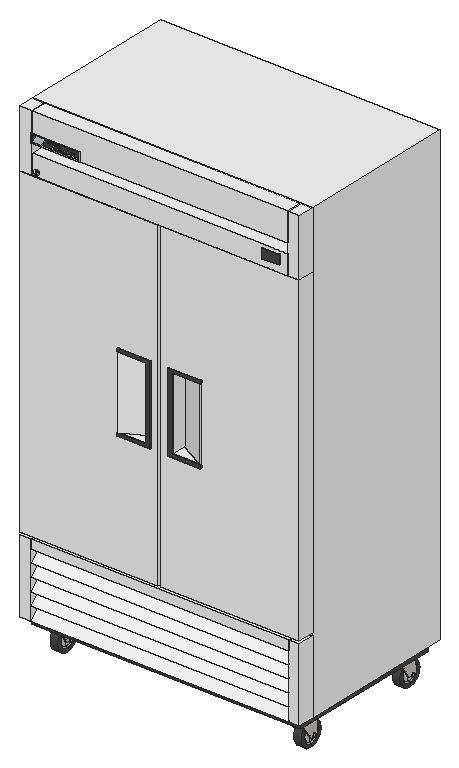
Revit family "QF_TRUE_T-43-HC_cat", category Specialty Equipment, Revit 2016
Family settings
  Part Type = Normal
  Round Connector Dimension = Use Diameter
  Work Plane-Based = No
  Always vertical = Yes
  Cut with Voids When Loaded = No
  Shared = No
  Room Calculation Point = No
Parameters
  Weight in Pounds = 380
  Watts = Volts * FL Amps  # 621 W
  Volts = 115 V
  URL Cutsheet = ""
  Specification by User = ""
  Specification by Manufacturer = ""
  Show 6 Inches Standard Legs [instance] = no
  Show 6 Inches Seismic Flanged Legs [instance] = no
  Show Logo [instance] = yes
  Show Default Castors [instance] = if(Show 6 Inches Seismic Flanged Legs, Show 6 Inches Standard Legs, not(Show 6 Inches Standard Legs))  # yes
  Show Clearance [instance] = yes
  Serial Number = ""
  Seismic Rating = ""
  SMACNA No = ""
  Revision Code = ""
  Phase = 1
  Number of Poles = 1
  NAFEM Spec ID Number = ""
  Model = "T-43-HC"
  Min Ckt Ampacity = 0 A
  Max Overcurrent Protection = 0 A
  Masterspec = ""
  Manufacturer = "TRUE"
  Length = 47"
  Item Number = ""
  Installed By = ""
  Identify Quantity as Lot = yes
  Height [instance] = Body Height + Base Height  # 83 3/8"
  HP = "1/2"
  Furnished By = ""
  Foodservice Equipment Identifier = yes
  FL Amps = 5.4 A
  Electrical Remarks = ""
  Electric Connection Type = ""
  Elec Conn RI Height = 0"
  Elec Conn Connection Height = 0"
  Description = "REACH-IN SOLID SWING DOOR REFRIGERATOR WITH HYDROCARBON REFRIGERANT"
  Depth = 29 1/2"
  Cycle = 60 Hz
  Conn Plug = "NEMA 5-15P"
  Conn Conduit = yes
  CSI MasterFormat = ""
  Body Height [instance] = 78 3/8"
  Base Height [instance] = if(Show Default Castors, 5", if(Show 6 Inches Seismic Flanged Legs, 6", if(Show 6 Inches Standard Legs, 6", 5")))  # 5"
  Apparent Power = if(Phase = 3, Volts * FL Amps * 1.73, Volts * FL Amps)  # 621 VA
  6 Inches Standard Legs [instance] = and(Show 6 Inches Standard Legs, not(Show Default Castors))  # no
  6 Inches Seismic Flanged Legs [instance] = and(Show 6 Inches Seismic Flanged Legs, not(Show Default Castors))  # no
Reference planes (in)
  plane 1 "BACK": y = 0
  plane 2: z = 0
  plane 3 "LEFT": x = 0
  plane 4 "RIGHT": x = 47
  plane 5 "FRONT": y = -29.5
  plane 6 "TOP": z = 83.375
  plane 7 "Center Y": x = 23.5
  plane 8 "Center X": y = -14.75
  plane 9: z = 5
Dimensions and locks (in)
  equal spacing: plane 3 "LEFT", plane 7 "Center Y", plane 4 "RIGHT"
  "Length": plane 3 "LEFT" to plane 4 "RIGHT"
  equal spacing: plane 5 "FRONT", plane 8 "Center X", plane 1 "BACK"
  "Depth": plane 5 "FRONT" to plane 1 "BACK"
  "Base Height": plane 9 to level
  plane 5 "FRONT" to plane 1 "BACK" = 29 1/2"
  plane 6 "TOP" to level = 83 3/8"
  plane 4 "RIGHT" to plane 3 "LEFT" = 47"
  "Body Height": plane 6 "TOP" to plane 9
  plane 6 "TOP" to nested 1 = 77"
  aligned and locked: level to plane 2
  aligned and locked: nested 1 to plane 9
Nested families (in)
  nested 1: "T-43-HC" at (0, 0, 0.0625), Show Clearance <- "Show Clearance", Show Logo <- "Show Logo", type "T-43-HC"
    with Show Logo yes, Show Clearance yes, Material and Finishes QF_Metal - Stainless - Polished
  nested 2: "CASTER-LEGS1" at (2.99796, -25.125, 0), Show 6 Inches Legs <- "6 Inches Standard Legs", Show Siesmic Flanged <- "6 Inches Seismic Flanged Legs", Show 5" Casters <- "Show Default Castors", type "CASTER-LEGS"
    with Type Mark "", Status "", Specification by User "", Show Siesmic Flanged no, Show 6" Casters no, Show 6 Inches Legs no, Show 5" Casters yes, Show 4" Casters no, Show 3" Castors no, Show 2.5 Standard Legs no, Show 2.5 Casters yes, Revision Code "", Low Profile yes, Item Number "", Installed By "", Identify Quantity as Lot yes, Furnished By "", Foodservice Equipment Identifier yes
  nested 3: "CASTER-LEGS1" at (44, -25.125, 0), Show 6 Inches Legs <- "6 Inches Standard Legs", Show Siesmic Flanged <- "6 Inches Seismic Flanged Legs", Show 5" Casters <- "Show Default Castors", type "CASTER-LEGS"
    with Type Mark "", Status "", Specification by User "", Show Siesmic Flanged no, Show 6" Casters no, Show 6 Inches Legs no, Show 5" Casters yes, Show 4" Casters no, Show 3" Castors no, Show 2.5 Standard Legs no, Show 2.5 Casters no, Revision Code "", Low Profile yes, Item Number "", Installed By "", Identify Quantity as Lot yes, Furnished By "", Foodservice Equipment Identifier yes
  nested 4: "CASTER-LEGS1" at (2.99796, -4.375, 0), Show 6 Inches Legs <- "6 Inches Standard Legs", Show Siesmic Flanged <- "6 Inches Seismic Flanged Legs", Show 5" Casters <- "Show Default Castors", type "CASTER-LEGS"
    with Type Mark "", Status "", Specification by User "", Show Siesmic Flanged no, Show 6" Casters no, Show 6 Inches Legs no, Show 5" Casters yes, Show 4" Casters no, Show 3" Castors no, Show 2.5 Standard Legs no, Show 2.5 Casters yes, Revision Code "", Low Profile yes, Item Number "", Installed By "", Identify Quantity as Lot yes, Furnished By "", Foodservice Equipment Identifier yes
  nested 5: "CASTER-LEGS1" at (44, -4.375, 0), Show 6 Inches Legs <- "6 Inches Standard Legs", Show Siesmic Flanged <- "6 Inches Seismic Flanged Legs", Show 5" Casters <- "Show Default Castors", type "CASTER-LEGS"
    with Type Mark "", Status "", Specification by User "", Show Siesmic Flanged no, Show 6" Casters no, Show 6 Inches Legs no, Show 5" Casters yes, Show 4" Casters no, Show 3" Castors no, Show 2.5 Standard Legs no, Show 2.5 Casters no, Revision Code "", Low Profile yes, Item Number "", Installed By "", Identify Quantity as Lot yes, Furnished By "", Foodservice Equipment Identifier yes
Connectors (in)
  electrical at (23.5, 0, 44.875), driven by "Volts", driven by "Watts"
    settings: on nested 1, index 1, voltage 115 V, apparent load 621 VA, apparent load phase1 0 VA, apparent load phase2 0 VA, apparent load phase3 0 VA, power factor 1, load classification "Other", number of poles 1, system type 30, power factor state 1, is connector primary yes, connector utility no, sub classification motor no, connector description "ELECTRICAL CONNECTION"
Definition of nested family "T-43-HC"
  Parameters (values of type "T-43-HC")
    Weight in Pounds = 0
    Watts = 0 W
    Volts = 115 V
    URL Cutsheet = ""
    Specification by User = ""
    Specification by Manufacturer = ""
    Show Logo [instance] = yes
    Show Clearance [instance] = yes
    Serial Number = ""
    Seismic Rating = ""
    SMACNA No = ""
    Revision Code = ""
    Phase = 0
    Number of Poles = 1
    NAFEM Spec ID Number = ""
    Min Ckt Ampacity = 0 A
    Max Overcurrent Protection = 0 A
    Material and Finishes [instance] = none
    Masterspec = ""
    Length = 47"
    Item Number = ""
    Installed By = ""
    Identify Quantity as Lot = yes
    Height = 83 5/16"
    HP = ""
    Furnished By = ""
    Foodservice Equipment Identifier = yes
    FL Amps = 0 A
    Electrical Remarks = ""
    Electric Connection Type = ""
    Elec Conn RI Height = 0"
    Elec Conn Connection Height = 0"
    Depth = 29 1/2"
    Cycle = 0 Hz
    Conn Plug = ""
    Conn Conduit = yes
    CSI MasterFormat = ""
    Apparent Power = if(Phase = 3, Volts * FL Amps * 1.73, Volts * FL Amps)  # 0 VA
  Reference planes (in)
    plane 1 "BACK": y = 0
    plane 2: z = 0
    plane 3 "LEFT": x = 0
    plane 4 "RIGHT": x = 47
    plane 5 "FRONT": y = -29.5
    plane 6 "TOP": z = 83.3125
    plane 7 "Center Y": x = 23.5
    plane 8 "Center X": y = -14.75
    plane 9: y = -51.75
    plane 10: z = 4.9375
    plane 11: z = 6.3125
  Forms (in)
    Extrusion 1, solid
      sketch origin (-15.16405, -186.0625, 67.4375) x (-1, 0, 0) y (0, -1, 0)
        loop
          line (-15.16405, -186.0625) -> (-15.16405, -159.3125) -> (-62.16405, -159.3125) -> (-62.16405, -186.0625) -> (-15.16405, -186.0625)
      from 15.875 to -61.125
    Extrusion 2, solid
      sketch origin (1.75, -26.75, 6.375) x (0, 0, 1) y (1, 0, 0)
        loop
          line (-1.4375, -0.875) -> (-0.0625, -0.875) -> (-0.0625, 44.375) -> (-1.4375, 44.375) -> (-1.4375, -0.875)
      from -1.375 to 25.375
    Extrusion 3, solid
      sketch origin (0, -5.15625, 1.53125) x (0, 1, 0) y (0, 0, 1)
        loop
          line (-24.34375, 81.78125) -> (-24.34375, 72.09417) -> (-21.59375, 72.09417) -> (-21.59375, 81.78125) -> (-24.34375, 81.78125)
      from 0 to 1.90515
    Extrusion 4, solid
      sketch origin (0, -5.15625, 1.53125) x (0, 1, 0) y (0, 0, 1)
        loop
          line (-24.34375, 75.37331) -> (-24.34375, 72.09417) -> (-21.59375, 72.09417) -> (-21.59375, 75.37331) -> (-24.34375, 75.37331)
        loop
          line (-24.34375, 76.95333) -> (-21.59375, 76.95333) -> (-21.59375, 81.78125) -> (-24.34375, 81.78125) -> (-24.34375, 76.95333)
      from 1.90515 to 45.09485
    Extrusion 5, solid
      sketch origin (0, -29.5, 74.1805) x (0, 0, 1) y (-1, 0, 0)
        loop
          circle (0.12713, -2.80897) r 0.38856
        loop
          line (0.34608, -2.74592) -> (-0.09261, -2.74592) -> (-0.09261, -2.87312) -> (0.34608, -2.87312) -> (0.34608, -2.74592)
      from 0 to 0.125
    Extrusion 6, solid
      sketch origin (20.25, -29.5, 74.34375) x (0, 0, 1) y (-1, 0, 0)
        loop
          line (1.99893, -20.5494) -> (0.35906, -20.5494) -> (0.35906, -23.49734) -> (1.99893, -23.49734) -> (1.99893, -20.5494)
      from 0 to 0.0625
    Extrusion 7, solid
      sketch origin (1.75, -26.75, 4.5) x (0, -1, 0) y (0, 0, -1)
        loop
          line (2.75, -8.375) -> (0.625, -8.375) -> (2.75, -6.25) -> (0.625, -6.25) -> (2.75, -4.125) -> (0.625, -4.125) -> (2.80903, -1.8125) -> (0, -1.8125) -> (0, -14.1871) -> (2.75, -14.1871) -> (2.75, -12.625) -> (0.625, -12.625) -> (2.75, -10.5) -> (0.625, -10.5) -> (2.75, -8.375)
      from 0 to 43.5
    Extrusion 8, solid
      sketch origin (-32.29793, -26.625, 60.68435) x (1, 0, 0) y (0, 0, 1)
        loop
          line (32.29793, 12.94107) -> (32.29793, -41.49725) -> (55.54793, -41.49725) -> (55.54793, 12.94107) -> (32.29793, 12.94107)
        loop
          line (53.54793, -20.77587) -> (53.54793, -8.49077) -> (48.91107, -8.49077) -> (48.91107, -20.77587) -> (53.54793, -20.77587)
        loop
          line (79.29793, 12.94107) -> (56.04793, 12.94107) -> (56.04793, -41.49725) -> (79.29793, -41.49725) -> (79.29793, 12.94107)
        loop
          line (58.04793, -20.77587) -> (62.68479, -20.77587) -> (62.68479, -8.49077) -> (58.04793, -8.49077) -> (58.04793, -20.77587)
      from 0.125 to 2.875
    Extrusion 9, solid
      sketch origin (0, 4.25, 0) x (-1, 0, 0) y (0, 1, 0)
        loop
          line (-1.75, -31) -> (-1.75, -33.75) -> (0, -33.75) -> (0, -31) -> (-1.75, -31)
      from -18.6871 to -6.3125
    Extrusion 10, solid
      sketch origin (50.70774, -29.5, 12.80935) x (-1, 0, 0) y (0, 0, -1)
        loop
          line (34.0946, -39.38423) -> (29.45774, -39.38423) -> (29.45774, -27.09913) -> (34.0946, -27.09913)
          arc (34.0946, -27.09913) -> (34.3446, -26.84913) -> (34.0946, -26.59913) r 0.25
          line (34.0946, -26.59913) -> (28.70774, -26.59913) -> (28.70774, -39.88423) -> (34.0946, -39.88423)
          arc (34.0946, -39.88423) -> (34.3446, -39.63423) -> (34.0946, -39.38423) r 0.25
      from 0 to 0.125
    Extrusion 11, solid
      sketch origin (50.70774, 0.1875, 12.80935) x (-1, 0, 0) y (0, -1, 0)
        loop
          line (34.0946, 29.8125) -> (28.76221, 26.9375) -> (34.0946, 26.9375) -> (34.0946, 29.8125)
      from 27.09913 to 39.38423
    Extrusion 12, solid, visible <- "Show Clearance", detail levels coarse
      sketch origin (26.94851, -26.5, 19.1871) x (0, 1, 0) y (1, 0, 0)
        loop
          line (-3, -26.94851) -> (-3, -3.69851)
          arc (-3, -3.69851) -> (-18.75597, -10.89172) -> (-25.25, -26.94851) r 23.40078
          line (-25.25, -26.94851) -> (-3, -26.94851)
        loop
          line (-3, 20.05149) -> (-25.25, 20.05149)
          arc (-25.25, 20.05149) -> (-18.75597, 3.9947) -> (-3, -3.19851) r 23.40078
          line (-3, -3.19851) -> (-3, 20.05149)
      from 0 to -54.43832
    Extrusion 13, solid
      sketch origin (-3.70774, -29.5, 12.80935) x (1, 0, 0) y (0, 0, 1)
        loop
          arc (34.0946, 39.38423) -> (34.3446, 39.63423) -> (34.0946, 39.88423) r 0.25
          line (34.0946, 39.88423) -> (28.70774, 39.88423) -> (28.70774, 26.59913) -> (34.0946, 26.59913)
          arc (34.0946, 26.59913) -> (34.3446, 26.84913) -> (34.0946, 27.09913) r 0.25
          line (34.0946, 27.09913) -> (29.45774, 27.09913) -> (29.45774, 39.38423) -> (34.0946, 39.38423)
      from 0 to 0.125
    Extrusion 14, solid
      sketch origin (-3.70774, 0.1875, 12.80935) x (1, 0, 0) y (0, 1, 0)
        loop
          line (34.0946, -29.8125) -> (34.0946, -26.9375) -> (28.76221, -26.9375) -> (34.0946, -29.8125)
      from 27.09913 to 39.38423
    Extrusion 15, solid
      sketch origin (47, -5.15625, 1.53125) x (0, 1, 0) y (0, 0, -1)
        loop
          line (-24.34375, -81.78125) -> (-21.59375, -81.78125) -> (-21.59375, -72.09417) -> (-24.34375, -72.09417) -> (-24.34375, -81.78125)
      from 0 to 1.90515
    Extrusion 16, solid
      sketch origin (47, 4.25, 0) x (-1, 0, 0) y (0, 1, 0)
        loop
          line (1.75, -31) -> (0, -31) -> (0, -33.75) -> (1.75, -33.75) -> (1.75, -31)
      from -18.6871 to -6.3125
  Lines and regions (in)
    symbolic lines
      curve 1: line (0, 0, 0) -> (47, 0, 0)
      curve 2: line (0, -29.5, 0) -> (0, 0, 0)
      curve 3: line (47, -29.5, 0) -> (0, -29.5, 0)
      curve 4: line (47, 0, 0) -> (47, -29.5, 0)
      curve 5: line (0, -26.75, 0) -> (47, -26.75, 0)
      curve 6: line (0, -29.5, 0) -> (19.65946, -40.85039, 0)
      curve 7: arc (23.25, -29.5, 0) -> (22.18859, -35.40734, 0) -> (19.65946, -40.85039, 0) r 23.40078
      curve 8: line (47, -29.5, 0) -> (27.34054, -40.85039, 0)
      curve 9: arc (23.75, -29.5, 0) -> (24.81141, -35.40734, 0) -> (27.34054, -40.85039, 0) r 23.40078
  Dimensions and locks (in)
    equal spacing: plane 3 "LEFT", plane 7 "Center Y", plane 4 "RIGHT"
    "Length": plane 3 "LEFT" to plane 4 "RIGHT"
    equal spacing: plane 5 "FRONT", plane 8 "Center X", plane 1 "BACK"
    "Depth": plane 5 "FRONT" to plane 1 "BACK"
    "Height": plane 6 "TOP" to level
    plane 3 "LEFT" to plane 4 "RIGHT" = 47"
    plane 5 "FRONT" to plane 1 "BACK" = 29 1/2"
    plane 7 "Center Y" to plane 3 "LEFT" = 23 1/2"
    plane 5 "FRONT" to plane 9 = 22 1/4"
    plane 6 "TOP" to plane 10 = 78 3/8"
    plane 6 "TOP" to plane 11 = 77"
    aligned and locked: level to plane 2
  Automatic sketch dimensions
    plane 1 "BACK" to Extrusion 1 sketch curve = 0"
    Extrusion 1 sketch curve to plane 4 "RIGHT" = 0"
    Extrusion 1 sketch curve to plane 3 "LEFT" = 0"
    Extrusion 1 sketch curve to plane 5 "FRONT" = 2 3/4"
    Extrusion 2 sketch curve to Extrusion 7 = 0"
    Extrusion 2 sketch curve to Extrusion 2 sketch curve = 1 3/8"
    Extrusion 2 sketch curve to Extrusion 7 = 7/8"  (x2)
    Extrusion 3 sketch curve to plane 5 "FRONT" = 0"
    Extrusion 3 sketch curve to plane 6 "TOP" = 0"
    Extrusion 3 sketch curve to Extrusion 3 sketch curve = 2 3/4"
    Extrusion 3 sketch curve to plane 6 "TOP" = 9.68708"
    Extrusion 4 sketch curve to plane 5 "FRONT" = 0"  (x2)
    Extrusion 4 sketch curve to plane 6 "TOP" = 0"
    Extrusion 4 sketch curve to plane 5 "FRONT" = 2 3/4"
    Extrusion 4 sketch curve to Extrusion 4 sketch curve = 0"
    Extrusion 4 sketch curve to plane 6 "TOP" = 4.82792"
    Extrusion 4 sketch curve to Extrusion 4 sketch curve = 1.58002"
    Extrusion 4 sketch curve to Extrusion 4 sketch curve = 3.27914"
    Extrusion 5 sketch curve to Extrusion 4 = 0.46248"
    Extrusion 5 sketch curve to Extrusion 5 sketch curve = 0.21974"
    Extrusion 5 sketch curve to Extrusion 5 sketch curve = 0.21895"
    Extrusion 4 to Extrusion 5 sketch curve = 0.96797"
    Extrusion 5 sketch curve to Extrusion 5 sketch curve = 0.06414"
    Extrusion 5 sketch curve to Extrusion 5 sketch curve = 0.12719"
    Extrusion 6 sketch curve to plane 6 "TOP" = 8.60969"
    Extrusion 6 sketch curve to Extrusion 6 sketch curve = 1.63987"
    plane 4 "RIGHT" to Extrusion 6 sketch curve = 3.25266"
    Extrusion 6 sketch curve to Extrusion 6 sketch curve = 2.94794"
    plane 5 "FRONT" to Extrusion 7 sketch curve = 0.05903"
    Extrusion 7 sketch curve to plane 5 "FRONT" = 0"  (x5)
    Extrusion 7 sketch curve to plane 5 "FRONT" = 2 1/8"  (x4)
    Extrusion 7 sketch curve to Extrusion 7 sketch curve = 0"
    Extrusion 7 sketch curve to Extrusion 7 sketch curve = 5/8"
    Extrusion 7 sketch curve to Extrusion 7 sketch curve = 2 5/16"
    Extrusion 7 sketch curve to Extrusion 7 sketch curve = 2 1/8"  (x4)
    Extrusion 7 sketch curve to Extrusion 7 sketch curve = 1.5621"
    Extrusion 8 sketch curve to plane 3 "LEFT" = 0"
    plane 4 "RIGHT" to Extrusion 8 sketch curve = 0"
    Extrusion 8 sketch curve to plane 7 "Center Y" = 6.88686"
    Extrusion 8 sketch curve to plane 7 "Center Y" = 2 1/4"
    Extrusion 8 sketch curve to plane 7 "Center Y" = 1/4"
    plane 7 "Center Y" to Extrusion 8 sketch curve = 1/4"
    plane 7 "Center Y" to Extrusion 8 sketch curve = 2 1/4"
    Extrusion 8 sketch curve to Extrusion 8 sketch curve = 4.63686"
    Extrusion 8 sketch curve to Extrusion 8 sketch curve = 0"  (x4)
    Extrusion 8 sketch curve to Extrusion 8 sketch curve = 20.72138"
    Extrusion 8 sketch curve to Extrusion 8 sketch curve = 12.2851"
    Extrusion 8 sketch curve to plane 6 "TOP" = 9.68708"
    plane 5 "FRONT" to Extrusion 9 sketch curve = 0"
    Extrusion 9 sketch curve to plane 3 "LEFT" = 0"
    plane 3 "LEFT" to Extrusion 9 sketch curve = 1 3/4"
    Extrusion 9 sketch curve to Extrusion 9 sketch curve = 2 3/4"
    Extrusion 10 sketch curve to plane 7 "Center Y" = 1 1/2"
    Extrusion 10 sketch curve to Extrusion 10 sketch curve = 3/4"
    Extrusion 10 sketch curve to Extrusion 10 sketch curve = 4.63686"  (x2)
    Extrusion 10 sketch curve to plane 6 "TOP" = 30.61891"
    Extrusion 10 sketch curve to Extrusion 10 sketch curve = 1/4"  (x2)
    Extrusion 10 sketch curve to Extrusion 10 sketch curve = 12.2851"
    Extrusion 11 sketch curve to plane 7 "Center Y" = 1.55447"
    Extrusion 11 sketch curve to Extrusion 11 sketch curve = 5.33239"
    Extrusion 11 sketch curve to plane 5 "FRONT" = 2 3/4"
    plane 5 "FRONT" to Extrusion 11 sketch curve = 1/8"
    plane 7 "Center Y" to Extrusion 13 sketch curve = 1 1/2"
    Extrusion 13 sketch curve to Extrusion 13 sketch curve = 3/4"
    Extrusion 13 sketch curve to Extrusion 13 sketch curve = 4.63686"  (x2)
    Extrusion 13 sketch curve to Extrusion 13 sketch curve = 1/4"  (x2)
    Extrusion 13 sketch curve to Extrusion 13 sketch curve = 12.2851"
    plane 7 "Center Y" to Extrusion 14 sketch curve = 1.55447"
    Extrusion 14 sketch curve to Extrusion 14 sketch curve = 5.33239"
    plane 5 "FRONT" to Extrusion 14 sketch curve = 1/8"
    Extrusion 14 sketch curve to plane 5 "FRONT" = 2 3/4"
    Extrusion 15 sketch curve to plane 5 "FRONT" = 0"
    Extrusion 15 sketch curve to plane 6 "TOP" = 0"
    Extrusion 15 sketch curve to Extrusion 15 sketch curve = 2 3/4"
    Extrusion 15 sketch curve to plane 6 "TOP" = 9.68708"
    Extrusion 16 sketch curve to plane 4 "RIGHT" = 0"
    plane 5 "FRONT" to Extrusion 16 sketch curve = 0"
    plane 4 "RIGHT" to Extrusion 16 sketch curve = 1 3/4"
    Extrusion 16 sketch curve to Extrusion 16 sketch curve = 2 3/4"
    Extrusion 12 sketch curve to plane 4 "RIGHT" = 0"
    Extrusion 12 sketch curve to plane 9 = 0"  (x2)
    Extrusion 12 sketch curve to plane 3 "LEFT" = 0"
    plane 5 "FRONT" to Extrusion 12 sketch curve = 0"  (x2)
    Extrusion 12 sketch curve to plane 3 "LEFT" = 0.12248"
    Extrusion 12 sketch curve to plane 5 "FRONT" = 1.15046"  (x2)
    Extrusion 12 sketch curve to plane 4 "RIGHT" = 0.12248"
    plane 1 "BACK" to curve 1 = 0"
    curve 1 to plane 3 "LEFT" = 0"
    plane 5 "FRONT" to curve 7 = 0"
    curve 3 to plane 4 "RIGHT" = 0"
    curve 7 to plane 3 "LEFT" = 0.12248"
    curve 6 to plane 7 "Center Y" = 3.84054"
    plane 7 "Center Y" to curve 8 = 3.84054"
    curve 9 to plane 4 "RIGHT" = 0.12248"
    plane 9 to curve 8 = 10.89961"
    curve 6 to curve 8 = 0"
    curve 9 to plane 5 "FRONT" = 1.15046"
    curve 7 to plane 5 "FRONT" = 1.15046"
    curve 7 to curve 5 = 1.59954"
    level to Extrusion 7 sketch curve = 18.6871"
    Extrusion 8 sketch curve to Extrusion 8 sketch curve = 21.43183"
    level to Extrusion 13 sketch curve = 39.40848"
    radius of Extrusion 5 sketch curve = 0.38856"
  Nested families (in)
    nested 1: "QF_LOGO_TRUE1" at (1.90515, -29.5, 78.48458), Show Logo <- "Show Logo", type "QF_LOGO_TRUE", detail levels medium+fine
      with Show Logo yes
  Definition of nested family "QF_LOGO_TRUE1"
    Parameters (values of type "QF_LOGO_TRUE")
      Show Logo [instance] = yes
    Reference planes (in)
      plane 1 "Center (Front/Back)": y = 0
      plane 2: z = 0
      plane 3 "Center (Left/Right)": x = 0
    Forms (in)
      Extrusion 1, solid, visible <- "Show Logo", detail levels fine
        sketch origin (-78.34647, 34.76905, -30.51001) x (1, 0, 0) y (0, 0, 1)
          loop
            line (81.15226, 31.65456) -> (81.07353, 31.48573) -> (82.12083, 31.48573)
            arc (82.12083, 31.48573) -> (82.14208, 31.44814) -> (82.12083, 31.41055) r 0.04386
            line (82.12083, 31.41055) -> (81.84767, 30.82478)
            arc (81.84767, 30.82478) -> (81.84531, 30.77052) -> (81.882, 30.73048) r 0.07096
            line (81.882, 30.73048) -> (82.55165, 30.73048)
            arc (82.55165, 30.73048) -> (82.63621, 30.75714) -> (82.69019, 30.82748) r 0.14742
            line (82.69019, 30.82748) -> (82.90515, 31.28847) -> (83.10265, 31.28847)
            arc (83.10265, 31.28847) -> (83.15447, 31.26942) -> (83.14697, 31.21472) r 0.04405
            line (83.14697, 31.21472) -> (82.9671, 30.82899)
            arc (82.9671, 30.82899) -> (82.9699, 30.76493) -> (83.02398, 30.73048) r 0.06943
            line (83.02398, 30.73048) -> (83.6124, 30.73048)
            arc (83.6124, 30.73048) -> (83.65748, 30.74689) -> (83.68147, 30.78844) r 0.07014
            arc (83.68147, 30.78844) -> (83.69845, 30.74745) -> (83.73943, 30.73048) r 0.05796
            line (83.73943, 30.73048) -> (84.112, 30.73048)
            arc (84.112, 30.73048) -> (84.15504, 30.74201) -> (84.18655, 30.77352) r 0.08608
            arc (84.18655, 30.77352) -> (84.20164, 30.7371) -> (84.23806, 30.72202) r 0.0515
            line (84.23806, 30.72202) -> (84.76757, 30.72202)
            arc (84.76757, 30.72202) -> (84.81086, 30.73995) -> (84.8288, 30.78324) r 0.06122
            arc (84.8288, 30.78324) -> (84.86848, 30.74355) -> (84.92269, 30.72903) r 0.10842
            line (84.92269, 30.72903) -> (85.91461, 30.72903) -> (86.02479, 30.91987) -> (85.0243, 30.91987)
            arc (85.0243, 30.91987) -> (84.99669, 30.93902) -> (84.99566, 30.97261) r 0.03732
            line (84.99566, 30.97261) -> (85.01297, 31.00972)
            arc (85.01297, 31.00972) -> (85.03954, 31.04453) -> (85.0813, 31.05774) r 0.07263
            line (85.0813, 31.05774) -> (85.40289, 31.05774)
            arc (85.40289, 31.05774) -> (85.4723, 31.07633) -> (85.52311, 31.12715) r 0.13882
            line (85.52311, 31.12715) -> (85.61625, 31.28847)
            arc (85.61625, 31.28847) -> (85.61625, 31.37458) -> (85.54168, 31.41763) r 0.08611
            line (85.54168, 31.41763) -> (85.20227, 31.41763)
            arc (85.20227, 31.41763) -> (85.11574, 31.40294) -> (85.05538, 31.33923) r 0.13863
            line (85.05538, 31.33923) -> (84.89409, 30.99333)
            arc (84.89409, 30.99333) -> (84.84649, 30.9313) -> (84.77191, 30.90778) r 0.13002
            line (84.77191, 30.90778) -> (84.41984, 30.90778)
            arc (84.41984, 30.90778) -> (84.3777, 30.95378) -> (84.38042, 31.0161) r 0.08151
            line (84.38042, 31.0161) -> (84.56766, 31.41763) -> (84.44849, 31.41763) -> (84.25012, 30.99222)
            arc (84.25012, 30.99222) -> (84.21158, 30.94199) -> (84.15119, 30.92296) r 0.10527
            line (84.15119, 30.92296) -> (83.90842, 30.92296)
            arc (83.90842, 30.92296) -> (83.8674, 30.97642) -> (83.87619, 31.04323) r 0.08805
            line (83.87619, 31.04323) -> (84.05078, 31.41763) -> (83.92772, 31.41763) -> (83.72676, 30.98668)
            arc (83.72676, 30.98668) -> (83.68011, 30.94003) -> (83.61639, 30.92296) r 0.12745
            line (83.61639, 30.92296) -> (83.26484, 30.92296)
            arc (83.26484, 30.92296) -> (83.2017, 30.9524) -> (83.19563, 31.0218) r 0.06967
            line (83.19563, 31.0218) -> (83.31118, 31.26961) -> (83.47452, 31.26961)
            arc (83.47452, 31.26961) -> (83.50209, 31.35268) -> (83.56075, 31.41763) r 0.21289
            line (83.56075, 31.41763) -> (82.92244, 31.41763)
            arc (82.92244, 31.41763) -> (82.85151, 31.40191) -> (82.80242, 31.34834) r 0.12081
            line (82.80242, 31.34834) -> (82.6294, 30.9773)
            arc (82.6294, 30.9773) -> (82.58962, 30.93752) -> (82.53528, 30.92296) r 0.10869
            line (82.53528, 30.92296) -> (82.1542, 30.92296)
            arc (82.1542, 30.92296) -> (82.12446, 30.96315) -> (82.13012, 31.01283) r 0.06822
            line (82.13012, 31.01283) -> (82.38156, 31.48573) -> (83.01596, 31.48573) -> (83.09469, 31.65456) -> (82.46029, 31.65456) -> (82.53902, 31.8234) -> (82.31334, 31.8234) -> (82.23461, 31.65456) -> (81.15226, 31.65456)
          loop
            arc (85.15937, 31.26434) -> (85.13191, 31.25698) -> (85.1118, 31.23688) r 0.05494
            line (85.1118, 31.23688) -> (85.09547, 31.18665)
            arc (85.09547, 31.18665) -> (85.10304, 31.16837) -> (85.12133, 31.16079) r 0.02586
            line (85.12133, 31.16079) -> (85.39889, 31.16079)
            arc (85.39889, 31.16079) -> (85.41888, 31.16523) -> (85.43513, 31.1777) r 0.04731
            line (85.43513, 31.1777) -> (85.44863, 31.2402)
            arc (85.44863, 31.2402) -> (85.44466, 31.25693) -> (85.42914, 31.26434) r 0.01994
            line (85.42914, 31.26434) -> (85.15937, 31.26434)
          loop
            line (78.62961, 30.74125) -> (80.12032, 30.74125) -> (80.73891, 31.81268) -> (79.2482, 31.81268) -> (78.62961, 30.74125)
        from 34.76797 to 34.83173
      Extrusion 2, solid, visible <- "Show Logo", detail levels fine
        sketch origin (-142.84857, 34.75108, -33.3546) x (1, 0, 0) y (0, 0, 1)
          loop
            line (150.81107, 34.71978) -> (142.98607, 34.71978) -> (142.98607, 33.4921) -> (150.81107, 33.4921) -> (150.81107, 34.71978)
        from 34.75108 to 34.78125
      Extrusion 3, solid, visible <- "Show Logo", detail levels fine
        sketch origin (-142.84857, 34.75108, -33.3546) x (1, 0, 0) y (0, 0, 1)
          loop
            line (150.94857, 34.85727) -> (142.84857, 34.85727) -> (142.84857, 33.3546) -> (150.94857, 33.3546) -> (150.94857, 34.85727)
          loop
            line (142.98607, 34.71978) -> (142.98607, 33.4921) -> (150.81107, 33.4921) -> (150.81107, 34.71978) -> (142.98607, 34.71978)
        from 34.75108 to 34.81376
      Extrusion 4, solid, not visible
        sketch origin (121.45701, -16.5, 4.98235) x (1, 0, 0) y (0, 0, 1)
          loop
            line (25.20115, 35.89949) -> (25.20115, 33.96647) -> (30.95381, 33.96647) -> (30.95381, 35.89949) -> (25.20115, 35.89949)
        from 31.5 to 31.54261
      Extrusion 5, solid, not visible
        sketch origin (121.45701, -16.5, 4.98235) x (1, 0, 0) y (0, 0, 1)
          loop
            line (26.7387, 34.95472) -> (26.61492, 34.49276) -> (27.038, 34.49276)
            arc (27.038, 34.49276) -> (27.13117, 34.52484) -> (27.18485, 34.60749) r 0.15134
            arc (27.18485, 34.60749) -> (27.20396, 34.68138) -> (27.22435, 34.75493) r 4.37326
            arc (27.22435, 34.75493) -> (27.23458, 34.81765) -> (27.22435, 34.88037) r 0.1974
            arc (27.22435, 34.88037) -> (27.18247, 34.93579) -> (27.11563, 34.95472) r 0.10914
            line (27.11563, 34.95472) -> (26.7387, 34.95472)
          loop
            line (26.90201, 34.80638) -> (26.84645, 34.59903) -> (26.92855, 34.59903)
            arc (26.92855, 34.59903) -> (26.98205, 34.6185) -> (27.01051, 34.6678) r 0.08322
            line (27.01051, 34.6678) -> (27.02399, 34.74424)
            arc (27.02399, 34.74424) -> (27.01491, 34.78454) -> (26.97985, 34.80638) r 0.05353
            line (26.97985, 34.80638) -> (26.90201, 34.80638)
          loop
            line (27.45336, 34.66131) -> (27.76233, 34.66131) -> (27.78859, 34.73909)
            arc (27.78859, 34.73909) -> (27.7878, 34.82039) -> (27.73107, 34.87864) r 0.10925
            arc (27.73107, 34.87864) -> (27.68233, 34.8944) -> (27.63139, 34.89974) r 0.24595
            line (27.63139, 34.89974) -> (27.46708, 34.89974)
            arc (27.46708, 34.89974) -> (27.4068, 34.88073) -> (27.3535, 34.84677) r 0.2421
            arc (27.3535, 34.84677) -> (27.2897, 34.76363) -> (27.26702, 34.66131) r 0.2421
            line (27.26702, 34.66131) -> (27.26702, 34.54477)
            arc (27.26702, 34.54477) -> (27.31618, 34.4956) -> (27.38334, 34.47761) r 0.13431
            line (27.38334, 34.47761) -> (27.59054, 34.47761)
            arc (27.59054, 34.47761) -> (27.63459, 34.48281) -> (27.67622, 34.49812) r 0.18924
            line (27.67622, 34.49812) -> (27.73102, 34.61563)
            arc (27.73102, 34.61563) -> (27.68453, 34.59565) -> (27.63566, 34.58252) r 0.35376
            arc (27.63566, 34.58252) -> (27.55885, 34.56956) -> (27.48204, 34.58252) r 0.23415
            arc (27.48204, 34.58252) -> (27.44492, 34.61362) -> (27.45336, 34.66131) r 0.04838
          loop
            line (27.4842, 34.73042) -> (27.62012, 34.73042) -> (27.62621, 34.76496)
            arc (27.62621, 34.76496) -> (27.58961, 34.80242) -> (27.53739, 34.80638) r 0.0742
            arc (27.53739, 34.80638) -> (27.49747, 34.77773) -> (27.4842, 34.73042) r 0.0742
          loop
            line (27.91616, 34.97572) -> (27.78675, 34.49276) -> (27.98645, 34.49276) -> (28.11586, 34.97572) -> (27.91616, 34.97572)
          loop
            line (28.13678, 34.66131) -> (28.08755, 34.47761) -> (28.27134, 34.47761) -> (28.32056, 34.66131) -> (28.43674, 34.66131) -> (28.47974, 34.78864) -> (28.36519, 34.78864)
            arc (28.36519, 34.78864) -> (28.35733, 34.81649) -> (28.36921, 34.84288) r 0.04231
            arc (28.36921, 34.84288) -> (28.431, 34.8652) -> (28.49617, 34.85686) r 0.13988
            line (28.49617, 34.85686) -> (28.53544, 34.97317)
            arc (28.53544, 34.97317) -> (28.39725, 34.99096) -> (28.25905, 34.97317) r 0.54546
            arc (28.25905, 34.97317) -> (28.20849, 34.91994) -> (28.18197, 34.85147) r 0.1894
            line (28.18197, 34.85147) -> (28.17089, 34.78864) -> (28.11397, 34.78864) -> (28.07985, 34.66131) -> (28.13678, 34.66131)
          loop
            arc (28.74846, 34.89756) -> (28.65884, 34.88533) -> (28.56922, 34.89756) r 0.33455
            line (28.56922, 34.89756) -> (28.45669, 34.47761) -> (28.63593, 34.47761) -> (28.74846, 34.89756)
          loop
            arc (28.60398, 35.01195) -> (28.57699, 34.97173) -> (28.60398, 34.9315) r 0.04347
            line (28.60398, 34.9315) -> (28.75755, 34.9315)
            arc (28.75755, 34.9315) -> (28.78645, 34.96687) -> (28.77911, 35.01195) r 0.0556
            line (28.77911, 35.01195) -> (28.60398, 35.01195)
          loop
            line (28.95336, 34.66131) -> (29.26233, 34.66131) -> (29.28859, 34.73909)
            arc (29.28859, 34.73909) -> (29.2878, 34.82039) -> (29.23107, 34.87864) r 0.10925
            arc (29.23107, 34.87864) -> (29.18233, 34.8944) -> (29.13139, 34.89974) r 0.24595
            line (29.13139, 34.89974) -> (28.96708, 34.89974)
            arc (28.96708, 34.89974) -> (28.9068, 34.88073) -> (28.8535, 34.84677) r 0.2421
            arc (28.8535, 34.84677) -> (28.7897, 34.76363) -> (28.76702, 34.66131) r 0.2421
            line (28.76702, 34.66131) -> (28.76702, 34.54477)
            arc (28.76702, 34.54477) -> (28.81618, 34.4956) -> (28.88334, 34.47761) r 0.13431
            line (28.88334, 34.47761) -> (29.09054, 34.47761)
            arc (29.09054, 34.47761) -> (29.13459, 34.48281) -> (29.17622, 34.49812) r 0.18924
            line (29.17622, 34.49812) -> (29.23102, 34.61563)
            arc (29.23102, 34.61563) -> (29.18453, 34.59565) -> (29.13566, 34.58252) r 0.35376
            arc (29.13566, 34.58252) -> (29.05885, 34.56956) -> (28.98204, 34.58252) r 0.23415
            arc (28.98204, 34.58252) -> (28.94492, 34.61362) -> (28.95336, 34.66131) r 0.04838
          loop
            line (28.9842, 34.73042) -> (29.12012, 34.73042) -> (29.12621, 34.76496)
            arc (29.12621, 34.76496) -> (29.08961, 34.80242) -> (29.03739, 34.80638) r 0.0742
            arc (29.03739, 34.80638) -> (28.99747, 34.77773) -> (28.9842, 34.73042) r 0.0742
          loop
            line (29.41616, 34.97572) -> (29.28675, 34.49276) -> (29.48645, 34.49276) -> (29.61586, 34.97572) -> (29.41616, 34.97572)
          loop
            line (29.99836, 34.97572) -> (29.95192, 34.80242)
            arc (29.95192, 34.80242) -> (29.94473, 34.85705) -> (29.90102, 34.89059) r 0.07199
            arc (29.90102, 34.89059) -> (29.80023, 34.89941) -> (29.70251, 34.87322) r 0.29131
            arc (29.70251, 34.87322) -> (29.61806, 34.7652) -> (29.5896, 34.63108) r 0.30433
            line (29.5896, 34.63108) -> (29.5896, 34.55572)
            arc (29.5896, 34.55572) -> (29.61075, 34.50463) -> (29.66184, 34.48348) r 0.07224
            line (29.66184, 34.48348) -> (29.78537, 34.48348)
            arc (29.78537, 34.48348) -> (29.83854, 34.51313) -> (29.88504, 34.55243) r 0.31609
            line (29.88504, 34.55243) -> (29.86905, 34.49276) -> (30.05973, 34.49276) -> (30.18914, 34.97572) -> (29.99836, 34.97572)
          loop
            arc (29.84537, 34.75931) -> (29.79424, 34.71128) -> (29.77745, 34.64317) r 0.12371
            arc (29.77745, 34.64317) -> (29.80071, 34.59901) -> (29.85056, 34.59647) r 0.05045
            arc (29.85056, 34.59647) -> (29.90141, 34.64047) -> (29.92536, 34.7033) r 0.13769
            arc (29.92536, 34.7033) -> (29.90211, 34.75521) -> (29.84537, 34.75931) r 0.05543
          loop
            line (26.45047, 35.26762) -> (26.58211, 35.26762)
            arc (26.58211, 35.26762) -> (26.60467, 35.30821) -> (26.62126, 35.35157) r 0.3277
            arc (26.62126, 35.35157) -> (26.62714, 35.39992) -> (26.60877, 35.44503) r 0.09693
            arc (26.60877, 35.44503) -> (26.56454, 35.48868) -> (26.50462, 35.50516) r 0.12312
            arc (26.50462, 35.50516) -> (26.44158, 35.50565) -> (26.37854, 35.50546) r 5.76967
            arc (26.37854, 35.50546) -> (26.07462, 35.42923) -> (25.81045, 35.26076) r 0.97743
            line (25.81045, 35.26076) -> (25.85921, 35.26076)
            arc (25.85921, 35.26076) -> (26.08494, 35.39361) -> (26.3396, 35.45485) r 0.88817
            arc (26.3396, 35.45485) -> (26.41429, 35.44188) -> (26.47267, 35.39352) r 0.14748
            arc (26.47267, 35.39352) -> (26.48041, 35.32725) -> (26.45047, 35.26762) r 0.11636
          loop
            arc (26.35412, 35.17841) -> (26.19578, 35.0555) -> (26.00982, 34.98069) r 0.72453
            arc (26.00982, 34.98069) -> (25.9036, 34.95581) -> (25.79459, 34.9604) r 0.40201
            arc (25.79459, 34.9604) -> (25.7275, 34.98819) -> (25.69972, 35.05528) r 0.09488
            arc (25.69972, 35.05528) -> (25.71867, 35.12629) -> (25.77049, 35.17841) r 0.1425
            line (25.77049, 35.17841) -> (25.73665, 35.18748)
            arc (25.73665, 35.18748) -> (25.67632, 35.09876) -> (25.66924, 34.99171) r 0.20432
            arc (25.66924, 34.99171) -> (25.71443, 34.9227) -> (25.79473, 34.90384) r 0.11116
            arc (25.79473, 34.90384) -> (25.91172, 34.89904) -> (26.02716, 34.91862) r 0.56145
            arc (26.02716, 34.91862) -> (26.27675, 35.021) -> (26.49584, 35.17841) r 1.15683
            line (26.49584, 35.17841) -> (26.35412, 35.17841)
        from 31.54261 to 31.56272
    Dimensions and locks (in)
      aligned and locked: level to plane 2
      aligned and locked: Extrusion 2 to Extrusion 3  (x2)
      aligned and locked: Extrusion 2 sketch curve to Extrusion 3
Definition of nested family "CASTER-LEGS1"
  Parameters (values of type "CASTER-LEGS")
    Weight = ""
    URL Manufacturer = ""
    URL Cutsheet = ""
    URL = ""
    Type Mark [instance] = ""
    Status [instance] = ""
    Specification by User [instance] = ""
    Specification by Manufacturer = ""
    Show Siesmic Flanged [instance] = yes
    Show 6 Inches Legs [instance] = yes
    Show 6" Casters [instance] = yes
    Show 5" Casters [instance] = yes
    Show 4" Casters [instance] = yes
    Show 3" Castors [instance] = yes
    Show 2.5 Standard Legs [instance] = yes
    Show 2.5 Casters [instance] = yes
    Serial Number = ""
    Seismic Rating = ""
    SMACNA No = ""
    Revision Code [instance] = ""
    Omniclass Number and Title = ""
    NAFEM Spec ID Number = ""
    Model = ""
    MasterSpec. = ""
    Manufacturer = ""
    Low Profile [instance] = yes
    Item Number [instance] = ""
    Installed By [instance] = ""
    Identify Quantity as Lot [instance] = yes
    Furnished By [instance] = ""
    Foodservice Equipment Identifier [instance] = yes
    Description = ""
    CSI MasterFormat = ""
    CSI Master Format = ""
    Assembly Code = ""
  Reference planes (in)
    plane 1: z = 0
    plane 2 "RIGHT": x = 0
    plane 3 "FRONT": y = 0
    plane 4 "TOP": z = 6
    plane 5: z = 2.125
    plane 6: z = 2.5
    plane 7: z = 6.25
  Forms (in)
    Revolve 1, solid, visible <- "Show 6 Inches Legs"
      sketch origin (11.12172, 0, 0) x (-1, 0, 0) y (0, 0, -1)
        loop
          line (11.12172, -6) -> (11.12172, 0) -> (10.62172, 0) -> (10.62172, -1.30261) -> (10.37172, -1.30261) -> (10.37172, -6) -> (11.12172, -6)
        axis (11.12172, 0) -> (11.12172, -6)
      angle from 0 to 360
    Extrusion 2, solid, visible <- "Show Siesmic Flanged"
      sketch origin (0, 0, 0) x (1, 0, 0) y (0, 1, 0)
        loop
          circle (-0.00825, 0) r 1
      from 0 to 0.125
    Revolve 3, solid, visible <- "Show Siesmic Flanged"
      sketch origin (11.12172, 0, 0) x (-1, 0, 0) y (0, 0, -1)
        loop
          line (11.12172, -6) -> (11.12172, -0.125) -> (10.62172, -0.125) -> (10.62172, -1.30261) -> (10.37172, -1.30261) -> (10.37172, -6) -> (11.12172, -6)
        axis (11.12172, -0.125) -> (11.12172, -6)
      angle from 0 to 360
    Revolve 4, solid, visible <- "Show 2.5 Standard Legs"
      sketch origin (11.12172, 0, 0) x (-1, 0, 0) y (0, 0, -1)
        loop
          line (11.12172, -2.5) -> (11.12172, 0) -> (10.62172, 0) -> (10.62172, -0.75) -> (10.37172, -0.75) -> (10.37172, -2.5) -> (11.12172, -2.5)
        axis (11.12172, 0) -> (11.12172, -2.5)
      angle from 0 to 360
  Dimensions and locks (in)
    plane 4 "TOP" to level = 6"  (x2)
    locked: Revolve 1 sketch curve to Revolve 1 sketch curve at 1.30261
    locked: Revolve 1 sketch curve to Revolve 1 sketch curve at 0.75
    nested 1 to level = 5"
    plane 6 to plane 1 = 2 1/2"
    plane 5 to plane 1 = 2 1/8"
    plane 7 to plane 1 = 6 1/4"
    locked: Revolve 3 sketch curve to Revolve 3 sketch curve at 0.75
    aligned and locked: level to plane 1
  Nested families (in)
    nested 1: "PITCO_5 INCHES CASTER" at (0, 0, 0), Show Casters <- "Show 5" Casters", type "PITCO_5 INCHES CASTER"
      with Type Mark "", Status "", Specification by User "", Show Casters yes, Revision Code "", Item Number "", Installed By "", Identify Quantity as Lot yes, Furnished By "", Foodservice Equipment Identifier yes
    nested 2: "2.13" at (0, 0, 0), 2.5 Inches Caster <- "Low Profile", type "2.13", not visible
      with Type Mark "", Status "", Specification by User "", Revision Code "", Item Number "", Installed By "", Identify Quantity as Lot yes, Furnished By "", Foodservice Equipment Identifier yes, 2.5 Inches Caster yes
    nested 3: "C4" at (0, 0, 0), Show 4 Inches Casters <- "Show 4" Casters", type "C4"
      with Type Mark "", Specification by User "", Show 4 Inches Casters yes, Revision Code "", Item Number "", Installed By "", Identify Quantity as Lot yes, Furnished By "", Foodservice Equipment Identifier yes
    nested 4: "6 Inches Leg & Caster" at (0, 0, 0), Show Casters <- "Show 6" Casters", type "6 Inches Leg & Caster"
      with Type Mark "", Status "", Specification by User "", Show Casters yes, Revision Code "", Item Number "", Installed By "", Identify Quantity as Lot yes, Furnished By "", Foodservice Equipment Identifier yes
    nested 5: "C2.5" at (0, -0.86941, 0), 2.5 Inches Caster <- "Show 2.5 Casters", type "C2.5", not visible
      with Type Mark "", Status "", Specification by User "", Revision Code "", Item Number "", Installed By "", Identify Quantity as Lot yes, Furnished By "", Foodservice Equipment Identifier yes, 2.5 Inches Caster yes
    nested 6: "3 INCHES 02_CASTER" at (0, 0, 0), Show 3" Casters <- "Show 3" Castors", type "3 INCHES 02_CASTER"
      with Type Mark "", Specification by User "", Show 3" Casters yes, Revision Code "", Item Number "", Installed By "", Identify Quantity as Lot yes, Furnished By "", Foodservice Equipment Identifier yes
  Definition of nested family "PITCO_5 INCHES CASTER"
    Parameters (values of type "PITCO_5 INCHES CASTER")
      Weight = ""
      URL Manufacturer = ""
      URL Cutsheet = ""
      URL = ""
      Type Mark [instance] = ""
      Status [instance] = ""
      Specification by User [instance] = ""
      Specification by Manufacturer = ""
      Show Casters [instance] = yes
      Rubber = none
      Chrome = none
      Serial Number = ""
      Seismic Rating = ""
      SMACNA No = ""
      Revision Code [instance] = ""
      Omniclass Number and Title = ""
      NAFEM Spec ID Number = ""
      Model = ""
      MasterSpec. = ""
      Manufacturer = ""
      Item Number [instance] = ""
      Installed By [instance] = ""
      Identify Quantity as Lot [instance] = yes
      Furnished By [instance] = ""
      Foodservice Equipment Identifier [instance] = yes
      Description = ""
      CSI MasterFormat = ""
      CSI Master Format = ""
      Assembly Code = ""
    Reference planes (in)
      plane 1: z = 0
      plane 2 "RIGHT": x = 0
      plane 3 "FRONT": y = 0
      plane 4 "TOP": z = 5
      plane 5: z = 5.0625
      plane 6: z = 5.1875
    Forms (in)
      Revolve 1, solid, visible <- "Show Casters"
        sketch origin (-180, 1.0625, -34.67466) x (0, 0, -1) y (-1, 0, 0)
          loop
            line (-34.67466, -180.64009) -> (-34.67466, -179.35991) -> (-35.17466, -179.35991) -> (-35.17466, -179.48491) -> (-35.42466, -179.48491) -> (-35.42466, -179.64009) -> (-36.48519, -179.60306) -> (-36.48519, -178.85852) -> (-36.5316, -178.85852) -> (-36.5316, -178.71719) -> (-36.70591, -178.71719) -> (-36.70591, -181.28281) -> (-36.5316, -181.28281) -> (-36.5316, -181.14148) -> (-36.48519, -181.14148) -> (-36.48519, -180.39694) -> (-35.42466, -180.35991) -> (-35.42466, -180.51509) -> (-35.17466, -180.51509) -> (-35.17466, -180.64009) -> (-34.67466, -180.64009)
          axis (-36.70591, -181.28281) -> (-36.70591, -178.71719)
        angle from 0 to 360
      Extrusion 2, solid, visible <- "Show Casters"
        sketch origin (0, 0, -1.11142) x (0, -1, 0) y (1, 0, 0)
          loop
            circle (0, 0) r 1.5
        from 5.61142 to 6.11142
      Extrusion 3, solid, visible <- "Show Casters"
        sketch origin (0, 0, 0.289) x (0, -1, 0) y (0, 0, 1)
          loop
            arc (0.91808, 3.59427) -> (1.13645, 3.7909) -> (1.42156, 3.86198) r 0.60732
            line (1.42156, 3.86198) -> (1.46208, 3.86198) -> (1.43155, 4.211) -> (-1.43155, 4.211)
            arc (-1.43155, 4.211) -> (-1.62474, 4.13098) -> (-1.70476, 3.93778) r 0.27322
            line (-1.70476, 3.93778) -> (-1.70476, 3.78861) -> (-1.76351, 2.11371) -> (-1.82446, 1.68005)
            arc (-1.82446, 1.68005) -> (-1.73191, 1.41127) -> (-1.46007, 1.32816) r 0.31307
            line (-1.46007, 1.32816) -> (-0.60834, 1.47835)
            arc (-0.60834, 1.47835) -> (-0.50841, 1.51771) -> (-0.43181, 1.59299) r 0.26936
            line (-0.43181, 1.59299) -> (0.91808, 3.59427)
        from 0.84601 to 1.05998
      Extrusion 4, solid, visible <- "Show Casters"
        sketch origin (0, 0, -0.82242) x (0, -1, 0) y (0, 0, -1)
          loop
            line (1.43155, -5.32242) -> (1.46208, -4.9734) -> (1.42156, -4.9734)
            arc (1.42156, -4.9734) -> (1.13645, -4.90232) -> (0.91808, -4.70569) r 0.60732
            line (0.91808, -4.70569) -> (-0.43181, -2.70441)
            arc (-0.43181, -2.70441) -> (-0.50841, -2.62913) -> (-0.60834, -2.58977) r 0.26936
            line (-0.60834, -2.58977) -> (-1.46007, -2.43958)
            arc (-1.46007, -2.43958) -> (-1.73191, -2.52269) -> (-1.82446, -2.79147) r 0.31307
            line (-1.82446, -2.79147) -> (-1.76351, -3.22513) -> (-1.70476, -4.90003) -> (-1.70476, -5.0492)
            arc (-1.70476, -5.0492) -> (-1.62474, -5.2424) -> (-1.43155, -5.32242) r 0.27322
            line (-1.43155, -5.32242) -> (1.43155, -5.32242)
        from 0.84601 to 1.05998
      Extrusion 5, solid, visible <- "Show Casters"
        sketch origin (-0.84601, 0, 0.289) x (0, 1, 0) y (0, 0, 1)
          loop
            line (1.43155, 4.211) -> (-1.43155, 4.211) -> (-1.46208, 3.86198) -> (-1.42156, 3.86198)
            arc (-1.42156, 3.86198) -> (-1.13645, 3.7909) -> (-0.91808, 3.59427) r 0.60732
            arc (-0.91808, 3.59427) -> (0.37927, 3.88135) -> (1.70476, 3.78861) r 4.63574
            line (1.70476, 3.78861) -> (1.70476, 3.93778)
            arc (1.70476, 3.93778) -> (1.62474, 4.13098) -> (1.43155, 4.211) r 0.27322
        from 0 to 1.69203
    Cuts and joins
      joined: Extrusion 3, Extrusion 4, Extrusion 5
    Lines and regions (in)
      symbolic lines, visible <- "Show Casters"
        curve 1: line (0.70901, 2.6399, 0) -> (1.79507, 2.01286, 0)
        curve 2: line (-1.79099, -1.69023, 0) -> (0.70901, 2.6399, 0)
        curve 3: line (-0.70493, -2.31727, 0) -> (-1.79099, -1.69023, 0)
        curve 4: line (1.79507, 2.01286, 0) -> (-0.70493, -2.31727, 0)
    Dimensions and locks (in)
      plane 4 "TOP" to level = 5"  (x2)
      plane 6 to level = 5 3/16"
      aligned and locked: level to plane 1
  Definition of nested family "2.13"
    Parameters
      Weight = ""
      URL Manufacturer = ""
      URL Cutsheet = ""
      URL = ""
      Type Mark [instance] = ""
      Status [instance] = ""
      Specification by User [instance] = ""
      Specification by Manufacturer = ""
      Serial Number = ""
      Seismic Rating = ""
      SMACNA No = ""
      Revision Code [instance] = ""
      Omniclass Number and Title = ""
      NAFEM Spec ID Number = ""
      Model = ""
      MasterSpec. = ""
      Manufacturer = ""
      Item Number [instance] = ""
      Installed By [instance] = ""
      Identify Quantity as Lot [instance] = yes
      Furnished By [instance] = ""
      Foodservice Equipment Identifier [instance] = yes
      Description = ""
      CSI MasterFormat = ""
      CSI Master Format = ""
      Assembly Code = ""
      2.5 Inches Caster [instance] = yes
    Reference planes (in)
      plane 1: z = 0
      plane 2 "RIGHT": x = 0
      plane 3 "FRONT": y = 0
      plane 4 "TOP": z = 2.125
    Forms (in)
      Revolve 1, solid, visible <- "2.5 Inches Caster"
        sketch origin (-1.93794, 0.83816, -1.0041) x (1, 0, 0) y (0, 0, 1)
          loop
            line (0.74055, 1.76972) -> (0.74055, 1.69422) -> (0.79055, 1.64422) -> (0.85055, 1.64422) -> (0.85055, 1.52415) -> (1.235, 1.52415) -> (1.235, 1.4568) -> (1.38673, 1.3692) -> (1.4003, 1.28535) -> (1.34375, 1.28535) -> (1.34375, 1.16035) -> (1.375, 1.16035) -> (1.375, 1.0041) -> (1.87544, 1.0041) -> (1.87544, 1.52415) -> (2.00044, 1.52415) -> (2.00044, 1.0041) -> (2.48438, 1.0041) -> (2.48438, 1.16035) -> (2.51563, 1.16035) -> (2.51563, 1.28535) -> (2.45908, 1.28535) -> (2.47322, 1.37272) -> (2.62438, 1.45999) -> (2.62438, 1.52415) -> (3.04007, 1.52415) -> (3.04007, 1.64422) -> (3.10007, 1.64422) -> (3.15007, 1.69422) -> (3.15007, 1.76972) -> (0.74055, 1.76972)
          axis (0.74055, 1.76972) -> (3.15007, 1.76972)
        angle from 0 to 360
      Extrusion 2, solid, visible <- "2.5 Inches Caster"
        sketch origin (-1.93794, 1.80294, -3.6291) x (0, 1, 0) y (0, 0, 1)
          loop
            line (-0.64294, 5.43229) -> (-0.64294, 5.55298) -> (-2.21294, 5.55298) -> (-2.21294, 5.30272) -> (-1.81966, 5.30272)
            arc (-1.81966, 5.30272) -> (-1.13638, 5.20789) -> (-0.46376, 5.05475) r 8.02767
            arc (-0.46376, 5.05475) -> (-0.19511, 4.95469) -> (0.05138, 4.80832) r 1.60049
            line (0.05138, 4.80832) -> (0.12713, 4.91318)
            arc (0.12713, 4.91318) -> (-0.07255, 5.06376) -> (-0.29048, 5.18644) r 1.8753
            line (-0.29048, 5.18644) -> (-0.22239, 5.30423)
            arc (-0.22239, 5.30423) -> (-0.42776, 5.38437) -> (-0.64294, 5.43229) r 1.44292
        from 1.17357 to 2.70231
      Revolve 3, solid, visible <- "2.5 Inches Caster"
        sketch origin (0, 2.10856, -4.125) x (0, 1, 0) y (0, 0, 1)
          loop
            line (-1.73858, 6.25) -> (-1.73858, 6.04889) -> (-1.05793, 6.04889) -> (-1.05793, 6.25) -> (-1.73858, 6.25)
          axis (-1.73858, 6.04889) -> (-1.73858, 6.25)
        angle from 0 to 360
      Extrusion 4, solid, visible <- "2.5 Inches Caster"
        sketch origin (-1.98481, 1.80294, -2.1291) x (0, 1, 0) y (0, 0, 1)
          loop
            line (-2.21294, 4.05298) -> (-2.21294, 3.80272) -> (-2.13999, 3.80272)
            arc (-2.13999, 3.80272) -> (-1.62379, 3.51899) -> (-1.39241, 2.97729) r 0.90292
            arc (-1.39241, 2.97729) -> (-1.36136, 2.78161) -> (-1.29729, 2.59413) r 1.15385
            arc (-1.29729, 2.59413) -> (-0.94802, 2.37355) -> (-0.6121, 2.61396) r 0.37001
            arc (-0.6121, 2.61396) -> (-0.59625, 2.66241) -> (-0.58446, 2.712) r 0.61695
            arc (-0.58446, 2.712) -> (-0.36134, 3.11665) -> (0.05609, 3.31484) r 0.75313
            line (0.05609, 3.31484) -> (0.12713, 3.41318)
            arc (0.12713, 3.41318) -> (-0.07255, 3.56376) -> (-0.29048, 3.68644) r 1.8753
            line (-0.29048, 3.68644) -> (-0.22239, 3.80423)
            arc (-0.22239, 3.80423) -> (-0.42776, 3.88437) -> (-0.64294, 3.93229) r 1.44292
            line (-0.64294, 3.93229) -> (-0.64294, 4.05298) -> (-2.21294, 4.05298)
        from 2.74918 to 2.90825
      Extrusion 5, solid, visible <- "2.5 Inches Caster"
        sketch origin (1.98481, 1.80294, -2.1291) x (0, 1, 0) y (0, 0, -1)
          loop
            line (-2.21294, -4.05298) -> (-0.64294, -4.05298) -> (-0.64294, -3.93229)
            arc (-0.64294, -3.93229) -> (-0.42776, -3.88437) -> (-0.22239, -3.80423) r 1.44292
            line (-0.22239, -3.80423) -> (-0.29048, -3.68644)
            arc (-0.29048, -3.68644) -> (-0.07255, -3.56376) -> (0.12713, -3.41318) r 1.8753
            line (0.12713, -3.41318) -> (0.05609, -3.31484)
            arc (0.05609, -3.31484) -> (-0.36134, -3.11665) -> (-0.58446, -2.712) r 0.75313
            arc (-0.58446, -2.712) -> (-0.59625, -2.66241) -> (-0.6121, -2.61396) r 0.61695
            arc (-0.6121, -2.61396) -> (-0.94802, -2.37355) -> (-1.29729, -2.59413) r 0.37001
            arc (-1.29729, -2.59413) -> (-1.36136, -2.78161) -> (-1.39241, -2.97729) r 1.15385
            arc (-1.39241, -2.97729) -> (-1.62379, -3.51899) -> (-2.13999, -3.80272) r 0.90292
            line (-2.13999, -3.80272) -> (-2.21294, -3.80272) -> (-2.21294, -4.05298)
        from 2.74918 to 2.90825
    Lines and regions (in)
      symbolic lines, visible <- "2.5 Inches Caster"
        curve 1: line (0.10651, 1.27186, 0) -> (0.80944, 0.86603, 0)
        curve 2: line (-0.89349, -0.46019, 0) -> (0.10651, 1.27186, 0)
        curve 3: line (-0.19056, -0.86603, 0) -> (-0.89349, -0.46019, 0)
        curve 4: line (0.80944, 0.86603, 0) -> (-0.19056, -0.86603, 0)
    Dimensions and locks (in)
      plane 4 "TOP" to level = 2 1/8"  (x2)
      aligned and locked: level to plane 1
  Definition of nested family "C4"
    Parameters
      Weight = ""
      URL Manufacturer = ""
      URL Cutsheet = ""
      URL = ""
      Type Mark [instance] = ""
      Specification by User [instance] = ""
      Specification by Manufacturer = ""
      Show 4 Inches Casters [instance] = yes
      Serial Number = ""
      Seismic Rating = ""
      SMACNA No = ""
      Revision Code [instance] = ""
      Omniclass Number and Title = ""
      NAFEM Spec ID Number = ""
      Model = ""
      MasterSpec. = ""
      Manufacturer = ""
      Item Number [instance] = ""
      Installed By [instance] = ""
      Identify Quantity as Lot [instance] = yes
      Furnished By [instance] = ""
      Foodservice Equipment Identifier [instance] = yes
      Description = ""
      CSI MasterFormat = ""
      CSI Master Format = ""
      Assembly Code = ""
    Reference planes (in)
      plane 1: z = 0
      plane 2 "RIGHT": x = 0
      plane 3 "FRONT": y = 0
      plane 4 "TOP": z = 4
    Forms (in)
      Revolve 1, solid, visible <- "Show 4 Inches Casters"
        sketch origin (-1.93794, 0.83816, -1.0041) x (1, 0, 0) y (0, 0, 1)
          loop
            line (0.74055, 2.5041) -> (3.15007, 2.5041) -> (3.15007, 2.5796) -> (3.10007, 2.6296) -> (3.04007, 2.6296) -> (3.04007, 2.74967) -> (2.62438, 2.74967) -> (2.62438, 2.93884) -> (2.48438, 3.01967) -> (2.45908, 3.17597) -> (2.51563, 3.17597) -> (2.51563, 3.41035) -> (2.48438, 3.41035) -> (2.48438, 4.0041) -> (1.375, 4.0041) -> (1.375, 3.41035) -> (1.34375, 3.41035) -> (1.34375, 3.17597) -> (1.4003, 3.17597) -> (1.37557, 3.02318) -> (1.235, 2.94202) -> (1.235, 2.74967) -> (0.85055, 2.74967) -> (0.85055, 2.6296) -> (0.79055, 2.6296) -> (0.74055, 2.5796) -> (0.74055, 2.5041)
          axis (0.74055, 2.5041) -> (3.15007, 2.5041)
        angle from 0 to 360
      Extrusion 2, solid, visible <- "Show 4 Inches Casters"
        sketch origin (-1.93794, 1.80294, -1.7541) x (0, 1, 0) y (0, 0, 1)
          loop
            line (-3.08794, 5.33423) -> (-3.08794, 5.00584) -> (-2.69466, 5.00584)
            arc (-2.69466, 5.00584) -> (-1.57175, 4.94895) -> (-0.46376, 4.75787) r 9.36411
            arc (-0.46376, 4.75787) -> (-0.05889, 4.58436) -> (0.28335, 4.30705) r 1.60049
            line (0.28335, 4.30705) -> (0.34449, 4.39437)
            arc (0.34449, 4.39437) -> (0.12713, 4.6163) -> (-0.1239, 4.79931) r 1.8753
            line (-0.1239, 4.79931) -> (-0.05749, 4.91421)
            arc (-0.05749, 4.91421) -> (-0.33807, 5.05694) -> (-0.64294, 5.13542) r 1.44292
            line (-0.64294, 5.13542) -> (-0.64294, 5.33423) -> (-3.08794, 5.33423)
        from 1.1267 to 2.74918
      Revolve 3, solid, visible <- "Show 4 Inches Casters"
        sketch origin (0, 2.15543, -2.25) x (0, 1, 0) y (0, 0, 1)
          loop
            line (-2.21793, 6.25) -> (-2.21793, 5.83014) -> (-1.05793, 5.83014) -> (-1.05793, 6.25) -> (-2.21793, 6.25)
          axis (-2.21793, 5.83014) -> (-2.21793, 6.25)
        angle from 0 to 360
      Extrusion 4, solid, visible <- "Show 4 Inches Casters"
        sketch origin (-1.93794, 1.80294, -1.7541) x (0, 1, 0) y (0, 0, 1)
          loop
            line (-3.08794, 5.33423) -> (-3.08794, 5.00584) -> (-2.8913, 5.00584)
            arc (-2.8913, 5.00584) -> (-2.09118, 4.14057) -> (-1.45681, 3.14736) r 6.63355
            arc (-1.45681, 3.14736) -> (-0.85703, 2.75969) -> (-0.4561, 3.35069) r 0.5107
            arc (-0.4561, 3.35069) -> (-0.27092, 3.92503) -> (0.24034, 4.24562) r 0.88136
            line (0.24034, 4.24562) -> (0.34449, 4.39437)
            arc (0.34449, 4.39437) -> (0.12713, 4.6163) -> (-0.1239, 4.79931) r 1.8753
            line (-0.1239, 4.79931) -> (-0.05749, 4.91421)
            arc (-0.05749, 4.91421) -> (-0.33807, 5.05694) -> (-0.64294, 5.13542) r 1.44292
            line (-0.64294, 5.13542) -> (-0.64294, 5.33423) -> (-3.08794, 5.33423)
        from 2.74918 to 2.90825
      Extrusion 5, solid, visible <- "Show 4 Inches Casters"
        sketch origin (1.93794, 1.80294, -1.7541) x (0, 1, 0) y (0, 0, -1)
          loop
            line (-3.08794, -5.33423) -> (-0.64294, -5.33423) -> (-0.64294, -5.13542)
            arc (-0.64294, -5.13542) -> (-0.33807, -5.05694) -> (-0.05749, -4.91421) r 1.44292
            line (-0.05749, -4.91421) -> (-0.1239, -4.79931)
            arc (-0.1239, -4.79931) -> (0.12713, -4.6163) -> (0.34449, -4.39437) r 1.8753
            line (0.34449, -4.39437) -> (0.24034, -4.24562)
            arc (0.24034, -4.24562) -> (-0.27092, -3.92503) -> (-0.4561, -3.35069) r 0.88136
            arc (-0.4561, -3.35069) -> (-0.85703, -2.75969) -> (-1.45681, -3.14736) r 0.5107
            arc (-1.45681, -3.14736) -> (-2.09118, -4.14057) -> (-2.8913, -5.00584) r 6.63355
            line (-2.8913, -5.00584) -> (-3.08794, -5.00584) -> (-3.08794, -5.33423)
        from 2.74918 to 2.90825
    Cuts and joins
      joined: Extrusion 2, Extrusion 4, Extrusion 5
    Lines and regions (in)
      symbolic lines, visible <- "Show 4 Inches Casters"
        curve 1: line (0.28481, 1.83041, 0) -> (1.24556, 1.27572, 0)
        curve 2: line (-1.26206, -0.84886, 0) -> (0.28481, 1.83041, 0)
        curve 3: line (-0.30132, -1.40355, 0) -> (-1.26206, -0.84886, 0)
        curve 4: line (1.24556, 1.27572, 0) -> (-0.30132, -1.40355, 0)
    Dimensions and locks (in)
      plane 4 "TOP" to level = 4"  (x2)
      aligned and locked: level to plane 1
  Definition of nested family "6 Inches Leg & Caster"
    Parameters
      Weight = ""
      URL Manufacturer = ""
      URL Cutsheet = ""
      URL = ""
      Type Mark [instance] = ""
      Status [instance] = ""
      Specification by User [instance] = ""
      Specification by Manufacturer = ""
      Show Casters [instance] = yes
      Serial Number = ""
      Seismic Rating = ""
      SMACNA No = ""
      Revision Code [instance] = ""
      Omniclass Number and Title = ""
      NAFEM Spec ID Number = ""
      Model = ""
      MasterSpec. = ""
      Manufacturer = ""
      Item Number [instance] = ""
      Installed By [instance] = ""
      Identify Quantity as Lot [instance] = yes
      Furnished By [instance] = ""
      Foodservice Equipment Identifier [instance] = yes
      Description = ""
      CSI MasterFormat = ""
      CSI Master Format = ""
    Reference planes (in)
      plane 1 "BACK": y = 0
      plane 2: z = 0
